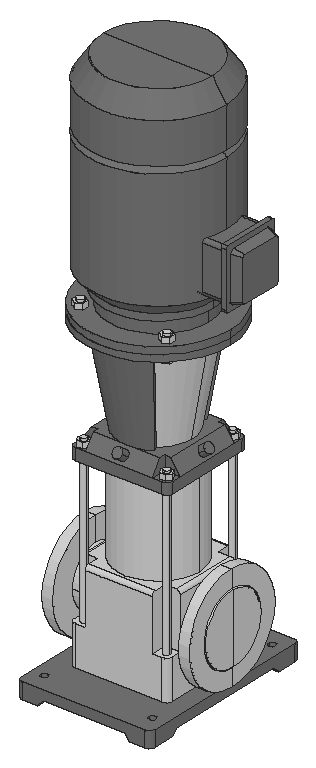
Revit family "TESK_Насос вертикальный_SVM(T)-150", category Оборудование, Revit 2019
Family settings
  Размер круглого соединителя = Использовать диаметр
  Классификация = Насос
  Тип детали = Вставляется
  На основе рабочей плоскости = Нет
  Всегда вертикально = Да
  При загрузке вырезать с полостями = Нет
  Общий = Нет
  Точка расчета площади = Нет
Parameters (values of type "Загрузите каталог типоразмеров TXT")
  Толщина_ФланцаДвигателя = Двигатель_Высота * 0.03  # 17.4 mm
  Таблица_Поиска = "TESK_SVM(T)-150"  # constant formula
  Производитель_Контакты = "info@teskpump.ru"
  Напор максимальный = 0
  Материал_КорпусУлитка = TESK_Нержавеющая сталь
  Материал_КорпусДвигателя = TESK_Черный_Ребра_Условный
  Материал_2 = TESK_Нержавеющая сталь
  Материал_1 = TESK_Черный_Условный
  Высота_Башня = size_lookup(Таблица_Поиска, "A5", 300 mm, ADSK_Марка)  # 300 mm
  Высота_Корпуса = size_lookup(Таблица_Поиска, "A1", 840 mm, ADSK_Марка)  # 840 mm
  Watermark [instance] = "Модели защищены уникальным кодом"
  URL = "www.teskpump.ru"
  D_Башня = Двигатель_Ширина * 0.75  # 262.5 mm
  ADSK_Свободный напор жидкости [instance] = 0.0 Pa
  ADSK_Расход жидкости [instance] = 0.0 L/s
  ADSK_Полная мощность = ADSK_Номинальная мощность * ADSK_Коэффициент мощности  # 0 kVA
  ADSK_Номинальная мощность = size_lookup(Таблица_Поиска, "Pow", 0 kW, ADSK_Марка)  # 0 kW
  ADSK_Напряжение = 400 V
  ADSK_Наименование краткое = "Вертикальный многоступенчатый центробежный насос"  # constant formula
  ADSK_Наименование = size_lookup(Таблица_Поиска, "Name", "Не найдено: Насос TESK SVM(T)-150", ADSK_Марка)  # "Не найдено: Насос TESK SVM(T)-150"
  ADSK_Масса_Текст = size_lookup(Таблица_Поиска, "mass_t", "Не найдено: Насос TESK SVM(T)-150", ADSK_Марка)  # "Не найдено: Насос TESK SVM(T)-150"
  ADSK_Масса = size_lookup(Таблица_Поиска, "mass", 0, ADSK_Марка)  # 0
  ADSK_Марка = "Загрузите каталог типоразмеров TXT"
  ADSK_Коэффициент мощности = 1
  ADSK_Количество фаз числовое = ADSK_Количество фаз  # 3
  ADSK_Количество фаз = if(ADSK_Напряжение = 230 V, 1, 3)  # 3
  ADSK_Количество = 1  # constant formula
  ADSK_Код изделия = size_lookup(Таблица_Поиска, "code", "Не найдено: Насос TESK SVM(T)-150", ADSK_Марка)  # "Не найдено: Насос TESK SVM(T)-150"
  ADSK_Классификация нагрузок = Прочее
  ADSK_Завод-изготовитель = "TESK"  # constant formula
  ADSK_Единица измерения = "шт."  # constant formula
  ADSK_Диаметр условный = 125 mm  # constant formula
  ADSK_Версия семейства = "1.0"  # constant formula
  ADSK_Версия Revit = "2019"  # constant formula
  Фланец_Толщина = 30 mm  # constant formula
  УГО_Длина = 380 mm  # constant formula
  Двигатель_Ширина = size_lookup(Таблица_Поиска, "A3", 350 mm, ADSK_Марка)  # 350 mm
  Двигатель_ОтступКоробки = size_lookup(Таблица_Поиска, "A4", 260 mm, ADSK_Марка)  # 260 mm
  Двигатель_Высота = size_lookup(Таблица_Поиска, "A2", 580 mm, ADSK_Марка)  # 580 mm
Reference planes
  plane 1 "По центру (Вперед/Назад)": y = 0
  plane 2: z = 0
  plane 3 "По центру (Влево/Вправо)": x = 0
  plane 4: x = -190
  plane 5: x = 190
  plane 6: x = -160
  plane 7: x = 160
  plane 8: z = -180
  plane 9: z = 660
  plane 10: z = 360
  plane 11: z = 332
  plane 12: x = -125
  plane 13: y = 125
  plane 14: x = 125
  plane 15: y = -125
  plane 16: x = -105
  plane 17: x = 105
  plane 18: y = -105
  plane 19: y = 105
  plane 20: z = 378
  plane 21: z = -140
  plane 22: x = -170
  plane 23: x = 170
  plane 24: y = -236
  plane 25: y = 236
  plane 26: z = -165
  plane 27: x = -117.5
  plane 28: x = 117.5
  plane 29: y = -236
  plane 30: y = 236
  plane 31: x = -170
  plane 32: x = 170
  plane 33: y = -170
  plane 34: y = 170
  plane 35: z = -165
  plane 36: x = -137.5
  plane 37: x = 137.5
  plane 38: y = -190
  plane 39: y = 190
  plane 40: z = 100
  plane 41: x = -125
  plane 42: x = 125
  plane 43: y = -125
  plane 44: y = 125
  plane 45: x = -125
  plane 46: x = 125
  plane 47: y = -125
  plane 48: y = 125
  plane 49: x = -85
  plane 50: x = 85
  plane 51: y = -85
  plane 52: y = 85
  plane 53: z = -40
  plane 54: x = -105
  plane 55: x = 105
  plane 56: y = -105
  plane 57: y = 105
  plane 58: x = -125
  plane 59: x = 125
  plane 60: y = -125
  plane 61: y = 125
  plane 62: x = -100
  plane 63: x = 100
  plane 64: y = -100
  plane 65: y = 100
  plane 66: z = 395
  plane 67: z = 642.6
  plane 68: x = -86
  plane 69: x = -131.25
  plane 70: x = 131.25
  plane 71: x = -100
  plane 72: x = -145.25
  plane 73: x = 86
  plane 74: x = 131.25
  plane 75: x = -131.25
  plane 76: x = 100
  plane 77: x = 145.25
  plane 78: x = -115
  plane 79: z = 90
  plane 80: x = -125
Forms (mm)
  Extrusion 1, solid, material "TESK_Нержавеющая сталь" <- "Материал_КорпусУлитка", detail levels fine
    sketch origin (0, 0, 0) x (0, 1, 0) y (0, 0, 1)
      loop
        circle (0, 0) r 75
    from -160 to 160
  Extrusion 2, solid, material "TESK_Черный_Условный" <- "Материал_1", detail levels fine
    sketch origin (0, 0, 0) x (1, 0, 0) y (0, 1, 0)
      loop
        line (-125, 110) -> (-125, -110)
        arc (-125, -110) -> (-120.607, -120.607) -> (-110, -125) r 15
        line (-110, -125) -> (110, -125)
        arc (110, -125) -> (120.607, -120.607) -> (125, -110) r 15
        line (125, -110) -> (125, 110)
        arc (125, 110) -> (120.607, 120.607) -> (110, 125) r 15
        line (110, 125) -> (-110, 125)
        arc (-110, 125) -> (-120.607, 120.607) -> (-125, 110) r 15
    from 332 to 360
  Extrusion 3, solid, material "TESK_Нержавеющая сталь" <- "Материал_2", detail levels fine
    sketch origin (0, 0, 0) x (1, 0, 0) y (0, 1, 0)
      loop
        circle (-105, 105) r 8
      loop
        circle (105, 105) r 8
      loop
        circle (-105, -105) r 8
      loop
        circle (105, -105) r 8
    from -40 to 378
  Extrusion 4, solid, material "TESK_Черный_Условный" <- "Материал_1", detail levels fine
    sketch origin (0, 0, 0) x (1, 0, 0) y (0, 1, 0)
      loop
        line (-170, 221) -> (-170, -221)
        arc (-170, -221) -> (-165.607, -231.607) -> (-155, -236) r 15
        line (-155, -236) -> (155, -236)
        arc (155, -236) -> (165.607, -231.607) -> (170, -221) r 15
        line (170, -221) -> (170, 221)
        arc (170, 221) -> (165.607, 231.607) -> (155, 236) r 15
        line (155, 236) -> (-155, 236)
        arc (-155, 236) -> (-165.607, 231.607) -> (-170, 221) r 15
    from -180 to -140
  Extrusion 5, void
    sketch origin (0, 0, 0) x (1, 0, 0) y (0, 0, 1)
      loop
        line (-102.5, -165) -> (-117.5, -180) -> (117.5, -180) -> (102.5, -165) -> (-102.5, -165)
    from -236 to 236
  Extrusion 6, void
    sketch origin (0, 0, 0) x (0, 1, 0) y (0, 0, 1)
      loop
        line (-155, -165) -> (-170, -180) -> (170, -180) -> (155, -165) -> (-155, -165)
    from -170 to 170
  Extrusion 7, void
    sketch origin (0, 0, 0) x (1, 0, 0) y (0, 1, 0)
      loop
        circle (-137.5, 190) r 9
      loop
        circle (137.5, 190) r 9
      loop
        circle (137.5, -190) r 9
      loop
        circle (-137.5, -190) r 9
    from -140 to -180
  Extrusion 8, solid, material "TESK_Нержавеющая сталь" <- "Материал_КорпусУлитка", detail levels fine
    sketch origin (0, 0, 0) x (1, 0, 0) y (0, 1, 0)
      loop
        arc (-110, 125) -> (-120.607, 120.607) -> (-125, 110) r 15
        line (-125, 110) -> (-125, -110)
        arc (-125, -110) -> (-120.607, -120.607) -> (-110, -125) r 15
        line (-110, -125) -> (110, -125)
        arc (110, -125) -> (120.607, -120.607) -> (125, -110) r 15
        line (125, -110) -> (125, 110)
        arc (125, 110) -> (120.607, 120.607) -> (110, 125) r 15
        line (110, 125) -> (-110, 125)
    from -140 to 100
  Extrusion 9, void
    sketch origin (0, 0, 0) x (1, 0, 0) y (0, 1, 0)
      loop
        line (-125, 85) -> (-85, 85) -> (-85, 125) -> (-125, 125) -> (-125, 85)
      loop
        line (85, 85) -> (125, 85) -> (125, 125) -> (85, 125) -> (85, 85)
      loop
        line (-125, -85) -> (-125, -125) -> (-85, -125) -> (-85, -85) -> (-125, -85)
      loop
        line (85, -85) -> (85, -125) -> (125, -125) -> (125, -85) -> (85, -85)
    from -40 to 395
  Extrusion 10, solid, material "TESK_Нержавеющая сталь" <- "Материал_2", detail levels fine
    sketch origin (0, 0, 0) x (1, 0, 0) y (0, 1, 0)
      loop
        circle (0, 0) r 105
    from 100 to 332
  Blend 11, solid, material "TESK_Черный_Условный" <- "Материал_1", detail levels fine
    base sketch origin (0, 0, 0) x (1, 0, 0) y (0, 1, 0)
      loop
        line (-125, 125) -> (-125, -125) -> (125, -125) -> (125, 125) -> (-125, 125)
    top sketch origin (0, 0, 0) x (1, 0, 0) y (0, 1, 0)
      loop
        line (-100, 100) -> (-100, -100) -> (100, -100) -> (100, 100) -> (-100, 100)
    from 360 to 395
  Blend 12, solid, material "TESK_Нержавеющая сталь" <- "Материал_2", detail levels fine
    base sketch origin (0, 0, 0) x (1, 0, 0) y (0, 1, 0)
      loop
        circle (0, 0) r 86
    top sketch origin (0, 0, 0) x (1, 0, 0) y (0, 1, 0)
      loop
        circle (0, 0) r 131.25
    from 395 to 642.6
  Revolve 13, solid, material "TESK_Черный_Условный" <- "Материал_1", detail levels fine
    sketch origin (0, 0, 0) x (1, 0, 0) y (0, 0, 1)
      loop
        line (-145.25, 642.6) -> (-100, 395) -> (-86, 395) -> (-131.25, 642.6) -> (-145.25, 642.6)
      axis (0, 395) -> (0, 642.6)
    angle from 125 to 55
  Revolve 14, solid, material "TESK_Черный_Условный" <- "Материал_1", detail levels fine
    sketch origin (0, 0, 0) x (-1, 0, 0) y (0, 0, 1)
      loop
        line (-145.25, 642.6) -> (-100, 395) -> (-86, 395) -> (-131.25, 642.6) -> (-145.25, 642.6)
      axis (0, 395) -> (0, 642.6)
    angle from -125 to -55
  Sweep 15, void
    path in 3D
      loop
        arc (-125, -110, 100) -> (-120.607, -120.607, 100) -> (-110, -125, 100) r 15
        line (-110, -125, 100) -> (110, -125, 100)
        arc (110, -125, 100) -> (120.607, -120.607, 100) -> (125, -110, 100) r 15
        line (125, -110, 100) -> (125, 110, 100)
        arc (125, 110, 100) -> (120.607, 120.607, 100) -> (110, 125, 100) r 15
        line (110, 125, 100) -> (-110, 125, 100)
        arc (-110, 125, 100) -> (-120.607, 120.607, 100) -> (-125, 110, 100) r 15
        line (-125, 110, 100) -> (-125, -110, 100)
    profile origin (-125, 0, 100) x (1, 0, 0) y (0, 0, 1)
      loop
        arc (0, -10) -> (2.929, -2.929) -> (10, 0) r 10
        line (10, 0) -> (0, 0) -> (0, -10)
Cuts and joins
  Extrusion 5, Extrusion 6, Extrusion 7 cuts Extrusion 4
  Extrusion 9, Sweep 15 cuts Extrusion 8
  Extrusion 9 cuts Blend 11
Lines and regions (mm)
  sketch lines
    curve 1: line (-125, 110, 100) -> (-125, -110, 100)
    curve 2: arc (-125, 110, 100) -> (-120.607, 120.607, 100) -> (-110, 125, 100) r 15
    curve 3: line (110, 125, 100) -> (-110, 125, 100)
    curve 4: arc (110, 125, 100) -> (120.607, 120.607, 100) -> (125, 110, 100) r 15
    curve 5: line (125, -110, 100) -> (125, 110, 100)
    curve 6: arc (125, -110, 100) -> (120.607, -120.607, 100) -> (110, -125, 100) r 15
    curve 7: line (-110, -125, 100) -> (110, -125, 100)
    curve 8: arc (-110, -125, 100) -> (-120.607, -120.607, 100) -> (-125, -110, 100) r 15
Dimensions and locks
  locked: plane 3 "По центру (Влево/Вправо)" to plane 4 at 190
  locked: plane 5 to plane 3 "По центру (Влево/Вправо)" at 190
  locked: plane 2 to plane 8 at 180
  "Высота_Башня": plane 9 to plane 10
  locked: plane 10 to plane 11 at 28
  equal spacing: plane 12, plane 3 "По центру (Влево/Вправо)", plane 14
  equal spacing: plane 13, plane 1 "По центру (Вперед/Назад)", plane 15
  locked: plane 15 to plane 1 "По центру (Вперед/Назад)" at 125
  locked: plane 12 to plane 3 "По центру (Влево/Вправо)" at 125
  equal spacing: plane 16, plane 3 "По центру (Влево/Вправо)", plane 17
  locked: plane 16 to plane 3 "По центру (Влево/Вправо)" at 105
  equal spacing: plane 19, plane 1 "По центру (Вперед/Назад)", plane 18
  locked: plane 19 to plane 1 "По центру (Вперед/Назад)" at 105
  locked: plane 20 to plane 10 at 18
  locked: plane 21 to plane 8 at 40
  equal spacing: plane 22, plane 3 "По центру (Влево/Вправо)", plane 23
  locked: plane 22 to plane 3 "По центру (Влево/Вправо)" at 170
  equal spacing: plane 25, plane 1 "По центру (Вперед/Назад)", plane 24
  locked: plane 25 to plane 1 "По центру (Вперед/Назад)" at 236
  locked: plane 26 to plane 8 at 15
  equal spacing: plane 28, plane 3 "По центру (Влево/Вправо)", plane 27
  equal spacing: plane 29, plane 1 "По центру (Вперед/Назад)", plane 30
  locked: plane 29 to plane 1 "По центру (Вперед/Назад)" at 236
  equal spacing: plane 32, plane 3 "По центру (Влево/Вправо)", plane 31
  locked: plane 3 "По центру (Влево/Вправо)" to plane 31 at 170
  equal spacing: plane 33, plane 1 "По центру (Вперед/Назад)", plane 34
  locked: plane 35 to plane 8 at 15
  equal spacing: plane 36, plane 3 "По центру (Влево/Вправо)", plane 37
  equal spacing: plane 39, plane 1 "По центру (Вперед/Назад)", plane 38
  locked: plane 39 to plane 1 "По центру (Вперед/Назад)" at 190
  locked: plane 3 "По центру (Влево/Вправо)" to plane 37 at 137.5
  locked: plane 40 to plane 21 at 240
  equal spacing: plane 41, plane 3 "По центру (Влево/Вправо)", plane 42
  equal spacing: plane 44, plane 1 "По центру (Вперед/Назад)", plane 43
  locked: plane 43 to plane 1 "По центру (Вперед/Назад)" at 125
  locked: plane 3 "По центру (Влево/Вправо)" to plane 42 at 125
  equal spacing: plane 48, plane 1 "По центру (Вперед/Назад)", plane 47
  equal spacing: plane 45, plane 3 "По центру (Влево/Вправо)", plane 46
  locked: plane 45 to plane 3 "По центру (Влево/Вправо)" at 125
  locked: plane 48 to plane 1 "По центру (Вперед/Назад)" at 125
  locked: plane 48 to plane 52 at 40
  locked: plane 51 to plane 47 at 40
  locked: plane 45 to plane 49 at 40
  locked: plane 50 to plane 46 at 40
  locked: plane 2 to plane 53 at 40
  equal spacing: plane 57, plane 1 "По центру (Вперед/Назад)", plane 56
  locked: plane 57 to plane 1 "По центру (Вперед/Назад)" at 105
  equal spacing: plane 54, plane 3 "По центру (Влево/Вправо)", plane 55
  locked: plane 3 "По центру (Влево/Вправо)" to plane 55 at 105
  equal spacing: plane 61, plane 1 "По центру (Вперед/Назад)", plane 60
  equal spacing: plane 58, plane 3 "По центру (Влево/Вправо)", plane 59
  locked: plane 58 to plane 3 "По центру (Влево/Вправо)" at 125
  locked: plane 1 "По центру (Вперед/Назад)" to plane 61 at 125
  equal spacing: plane 62, plane 3 "По центру (Влево/Вправо)", plane 63
  equal spacing: plane 65, plane 1 "По центру (Вперед/Назад)", plane 64
  locked: plane 1 "По центру (Вперед/Назад)" to plane 65 at 100
  locked: plane 62 to plane 3 "По центру (Влево/Вправо)" at 100
  locked: plane 66 to plane 10 at 35
  "Толщина_ФланцаДвигателя": plane 9 to plane 67
  equal spacing: plane 70, plane 3 "По центру (Влево/Вправо)", plane 69
  "D_Башня": plane 70 to plane 69
  locked: plane 3 "По центру (Влево/Вправо)" to plane 68 at 86
  locked: plane 69 to plane 72 at 14
  locked: plane 68 to plane 71 at 14
  "D_Башня": plane 75 to plane 74
  locked: plane 74 to plane 77 at 14
  locked: plane 73 to plane 76 at 14
  equal spacing: plane 75, plane 3 "По центру (Влево/Вправо)", plane 74
  locked: plane 73 to plane 3 "По центру (Влево/Вправо)" at 86
  "Фланец_Толщина": plane 6 to plane 4
  "Фланец_Толщина": plane 5 to plane 7
  locked: plane 3 "По центру (Влево/Вправо)" to plane 27 at 117.5
  "Высота_Корпуса": plane 9 to plane 8
  locked: plane 33 to plane 1 "По центру (Вперед/Назад)" at 170
  locked: plane 80 to plane 3 "По центру (Влево/Вправо)" at 125
  locked: plane 80 to plane 78 at 10
  locked: plane 40 to plane 79 at 10
  diameter of Extrusion 1 sketch curve = 150 mm
  radius of Extrusion 2 sketch curve = 15 mm  (x4)
  diameter of Extrusion 3 sketch curve = 16 mm  (x4)
  radius of Extrusion 4 sketch curve = 15 mm  (x4)
  diameter of Extrusion 7 sketch curve = 18 mm  (x4)
  radius of Extrusion 8 sketch curve = 15 mm  (x4)
  diameter of Blend 12 sketch curve = 172 mm
  "D_Башня": diameter of Blend 12 sketch curve
  diameter of Extrusion 10 sketch curve = 210 mm
  radius of Sweep 15 sketch curve = 10 mm
  locked: Extrusion 5 sketch curve to plane 27 (angle 45.00°)
  locked: plane 28 to Extrusion 5 sketch curve (angle 45.00°)
  locked: Extrusion 6 sketch curve to plane 33 (angle 45.00°)
  locked: plane 34 to Extrusion 6 sketch curve (angle 45.00°)
  aligned and locked: level to plane 2
  aligned and locked: plane 1 "По центру (Вперед/Назад)" to nested 1
  aligned and locked: nested 2 to plane 1 "По центру (Вперед/Назад)"
  aligned and locked: plane 4 to nested 1
  aligned and locked: nested 2 to plane 5
  aligned and locked: Extrusion 1 to plane 6
  aligned and locked: Extrusion 1 to plane 7
  aligned and locked: Extrusion 2 sketch curve to plane 12
  aligned and locked: Extrusion 2 sketch curve to plane 13
  aligned and locked: Extrusion 2 sketch curve to plane 14
  aligned and locked: Extrusion 2 sketch curve to plane 15
  aligned and locked: plane 10 to Extrusion 2
  aligned and locked: Extrusion 2 to plane 11
  aligned and locked: plane 19 to Extrusion 3 sketch curve  (x2)
  aligned and locked: plane 16 to Extrusion 3 sketch curve  (x2)
  aligned and locked: plane 17 to Extrusion 3 sketch curve  (x2)
  aligned and locked: plane 18 to Extrusion 3 sketch curve  (x2)
  aligned and locked: Extrusion 3 to plane 20
  aligned and locked: plane 3 "По центру (Влево/Вправо)" to nested 3
  aligned and locked: plane 1 "По центру (Вперед/Назад)" to nested 3
  aligned and locked: plane 9 to nested 3
  aligned and locked: Extrusion 4 sketch curve to plane 22
  aligned and locked: Extrusion 4 sketch curve to plane 25
  aligned and locked: Extrusion 4 sketch curve to plane 23
  aligned and locked: Extrusion 4 sketch curve to plane 24
  aligned and locked: plane 21 to Extrusion 4
  aligned and locked: Extrusion 4 to plane 8
  aligned and locked: Extrusion 5 sketch curve to plane 26
  aligned and locked: Extrusion 5 sketch curve to plane 27
  aligned and locked: Extrusion 5 sketch curve to plane 8
  aligned and locked: Extrusion 5 sketch curve to plane 28
  aligned and locked: plane 8 to Extrusion 5 sketch curve
  aligned and locked: plane 29 to Extrusion 5
  aligned and locked: Extrusion 5 to plane 30
  aligned and locked: Extrusion 6 sketch curve to plane 35
  aligned and locked: Extrusion 6 sketch curve to plane 8
  aligned and locked: Extrusion 6 sketch curve to plane 34
  aligned and locked: plane 8 to Extrusion 6 sketch curve
  aligned and locked: Extrusion 6 sketch curve to plane 33
  aligned and locked: Extrusion 6 to plane 31
  aligned and locked: Extrusion 6 to plane 32
  aligned and locked: plane 39 to Extrusion 7 sketch curve  (x2)
  aligned and locked: plane 36 to Extrusion 7 sketch curve  (x2)
  aligned and locked: plane 37 to Extrusion 7 sketch curve
  aligned and locked: plane 38 to Extrusion 7 sketch curve  (x2)
  aligned and locked: Extrusion 7 sketch curve to plane 37
  aligned and locked: Extrusion 7 to plane 21
  aligned and locked: Extrusion 7 to plane 8
  aligned and locked: Extrusion 8 sketch curve to plane 44
  aligned and locked: Extrusion 8 sketch curve to plane 41
  aligned and locked: Extrusion 8 sketch curve to plane 42
  aligned and locked: Extrusion 8 sketch curve to plane 43
  aligned and locked: Extrusion 8 to plane 21
  aligned and locked: plane 40 to Extrusion 8
  aligned and locked: Extrusion 9 sketch curve to plane 52  (x2)
  aligned and locked: Extrusion 9 sketch curve to plane 45
  aligned and locked: Extrusion 9 sketch curve to plane 48  (x2)
  aligned and locked: Extrusion 9 sketch curve to plane 49
  aligned and locked: Extrusion 9 sketch curve to plane 50
  aligned and locked: Extrusion 9 sketch curve to plane 46
  aligned and locked: plane 45 to Extrusion 9 sketch curve
  aligned and locked: Extrusion 9 sketch curve to plane 47  (x2)
  aligned and locked: plane 49 to Extrusion 9 sketch curve
  aligned and locked: Extrusion 9 sketch curve to plane 51  (x2)
  aligned and locked: plane 50 to Extrusion 9 sketch curve
  aligned and locked: plane 46 to Extrusion 9 sketch curve
  aligned and locked: Extrusion 9 to plane 53
  aligned and locked: Extrusion 10 to plane 40
  aligned and locked: plane 11 to Extrusion 10
  aligned and locked: nested 4 to plane 10
  aligned and locked: nested 4 to plane 54
  aligned and locked: plane 56 to nested 4
  aligned and locked: Extrusion 3 to plane 53
  aligned and locked: nested 5 to plane 55
  aligned and locked: nested 5 to plane 56
  aligned and locked: plane 55 to nested 7
  aligned and locked: nested 7 to plane 57
  aligned and locked: plane 54 to nested 6
  aligned and locked: plane 57 to nested 6
  aligned and locked: plane 10 to nested 5
  aligned and locked: nested 7 to plane 10
  aligned and locked: plane 10 to nested 6
  aligned and locked: Blend 11 sketch curve to plane 58
  aligned and locked: Blend 11 sketch curve to plane 61
  aligned and locked: Blend 11 sketch curve to plane 60
  aligned and locked: Blend 11 sketch curve to plane 59
  aligned and locked: Blend 11 sketch curve to plane 65
  aligned and locked: Blend 11 sketch curve to plane 62
  aligned and locked: Blend 11 sketch curve to plane 63
  aligned and locked: Blend 11 sketch curve to plane 64
  aligned and locked: Blend 11 to plane 10
  aligned and locked: plane 66 to Extrusion 9
  aligned and locked: plane 66 to Blend 11
  aligned and locked: plane 3 "По центру (Влево/Вправо)" to Blend 12 sketch curve  (x2)
  aligned and locked: plane 1 "По центру (Вперед/Назад)" to Blend 12 sketch curve  (x2)
  aligned and locked: Blend 12 to plane 66
  aligned and locked: plane 67 to Blend 12
  aligned and locked: plane 3 "По центру (Влево/Вправо)" to Revolve 13 sketch curve
  aligned and locked: Revolve 13 sketch curve to plane 67
  aligned and locked: Revolve 13 sketch curve to plane 66
  aligned and locked: plane 71 to Revolve 13 sketch curve
  aligned and locked: plane 68 to Revolve 13 sketch curve
  aligned and locked: plane 72 to Revolve 13 sketch curve
  aligned and locked: plane 69 to Revolve 13 sketch curve
  aligned and locked: plane 66 to Revolve 14 sketch curve
  aligned and locked: Revolve 14 sketch curve to plane 76
  aligned and locked: Revolve 14 sketch curve to plane 73
  aligned and locked: plane 67 to Revolve 14 sketch curve
  aligned and locked: Revolve 14 sketch curve to plane 77
  aligned and locked: Revolve 14 sketch curve to plane 74
  aligned and locked: plane 3 "По центру (Влево/Вправо)" to Revolve 14 sketch curve
  aligned and locked: nested 8 to plane 1 "По центру (Вперед/Назад)"
  aligned and locked: nested 8 to plane 3 "По центру (Влево/Вправо)"
  aligned and locked: nested 9 to plane 1 "По центру (Вперед/Назад)"
  aligned and locked: plane 2 to nested 9
  aligned and locked: nested 9 to plane 3 "По центру (Влево/Вправо)"
  aligned and locked: plane 3 "По центру (Влево/Вправо)" to Extrusion 10 sketch curve
  aligned and locked: plane 1 "По центру (Вперед/Назад)" to Extrusion 10 sketch curve
  aligned and locked: plane 3 "По центру (Влево/Вправо)" to nested 10
  aligned and locked: Sweep 15 sketch curve to plane 80
  aligned and locked: Sweep 15 sketch curve to plane 40
  aligned and locked: nested 11 to plane 1 "По центру (Вперед/Назад)"
Automatic sketch dimensions
  Extrusion 1 sketch curve to level = 0 mm
  Extrusion 1 sketch curve to plane 1 "По центру (Вперед/Назад)" = 0 mm
  Sweep 15 sketch curve to plane 79 = 0 mm
  plane 78 to Sweep 15 sketch curve = 0 mm
  Sweep 15 sketch curve to Sweep 15 sketch curve = 0 mm
  profile plane to Sweep 15 sketch curve = 0 mm
  plane 66 to Revolve 13 sketch curve = 50 mm
  Revolve 13 sketch curve to plane 67 = 33.01 mm
  Revolve 14 sketch curve to plane 66 = 50 mm
  plane 67 to Revolve 14 sketch curve = 33.01 mm
Nested families
  nested 1: "Фланец_Круглый" at (-160, 0, 0), Толщина_Фланца <- "Фланец_Толщина", ADSK_Материал <- "Материал_КорпусУлитка", type "Фланец_Круглый", detail levels fine
    with Толщина_Фланца 30 mm, Толщина_Зеркала 3 mm, Dнар_Фланца 270 mm, D_Зеркала 175 mm, ADSK_Материал TESK_Нержавеющая сталь
  nested 2: "Фланец_Круглый" at (160, 0, 0) x (-1, 0, 0) z (0, 0, 1), Толщина_Фланца <- "Фланец_Толщина", ADSK_Материал <- "Материал_КорпусУлитка", type "Фланец_Круглый", detail levels fine
    with Толщина_Фланца 30 mm, Толщина_Зеркала 3 mm, Dнар_Фланца 270 mm, D_Зеркала 175 mm, ADSK_Материал TESK_Нержавеющая сталь
  nested 3: "Электродвигатель" at (0, 0, 660), Материал_Метизы <- "Материал_2", Материал_Основной <- "Материал_1", Материал_Ребра <- "Материал_КорпусДвигателя", Высота_Двигателя <- "Двигатель_Высота", Отступ_Коробка <- "Двигатель_ОтступКоробки", Ширина_Двигателя <- "Двигатель_Ширина", type "Электродвигатель", detail levels fine
    with Ширина_Коробки 130 mm, Ширина_Двигателя 350 mm, Толщина_ШляпкаБолта 11.025 mm, Толщина_Фланца 17.4 mm, Толщина_КрышкаКоробки 39 mm, Толщина_Гайки 13.781 mm, Отступ_Коробка 260 mm, Материал_Ребра TESK_Черный_Ребра_Условный, Материал_Основной TESK_Черный_Условный, Материал_Метизы TESK_Нержавеющая сталь, Коробка_Начало 116 mm, Длина_МеждуБолтами 220.5 mm, Выступ_КрышкаКоробки 10.4 mm, Высота_Двигателя 580 mm, Вылет_Болтов 17.916 mm, r2 140 mm, r1 129.5 mm, l3 5.2 mm, l2 9.1 mm, l1 9.1 mm, h6 35 mm, h5 52.2 mm, h4 174 mm, h3 156.6 mm, h2 52.2 mm, h1 34.8 mm, S_Метизы 27.563 mm, R_Верхушка 17.4 mm, R_2 5.2 mm, R_1 9.1 mm, D_Фланец 367.5 mm, D_Болты 18.375 mm
  nested 4: "Гайка_Условная" at (-105, -105, 360) x (-1, 0, 0) z (0, 0, 1), Материал1 <- "Материал_2", type "Гайка_Условная", detail levels fine
    with Толщина_Гайка 14 mm, Материал1 TESK_Нержавеющая сталь, S_Гайка 26 mm, D_Вн 16 mm
  nested 5: "Гайка_Условная" at (105, -105, 360), Материал1 <- "Материал_2", type "Гайка_Условная", detail levels fine
    with Толщина_Гайка 14 mm, Материал1 TESK_Нержавеющая сталь, S_Гайка 26 mm, D_Вн 16 mm
  nested 6: "Гайка_Условная" at (-105, 105, 360) x (-1, 0, 0) z (0, 0, 1), Материал1 <- "Материал_2", type "Гайка_Условная", detail levels fine
    with Толщина_Гайка 14 mm, Материал1 TESK_Нержавеющая сталь, S_Гайка 26 mm, D_Вн 16 mm
  nested 7: "Гайка_Условная" at (105, 105, 360), Материал1 <- "Материал_2", type "Гайка_Условная", detail levels fine
    with Толщина_Гайка 14 mm, Материал1 TESK_Нержавеющая сталь, S_Гайка 26 mm, D_Вн 16 mm
  nested 8: "Вл_УГО_Насос_2D" at (0, 0, 0) x (-1, 0, 0) z (0, 0, 1), L_УГО <- "УГО_Длина", type "Вл_УГО_Насос_2D", detail levels coarse+medium
    with L_УГО 380 mm
  nested 9: "Вл_УГО_Насос_3D" at (0, 0, 0) x (-1, 0, 0) z (0, -1, 0), L_УГО <- "УГО_Длина", type "Вл_УГО_Насос_3D", detail levels coarse+medium
    with L_УГО 380 mm
  nested 10: "Бобышка_Условная" at (0, -112.5, 377.5) x (1, 0, 0) z (0, -0.8137, 0.5812), Материал <- "Материал_1", type "Бобышка_Условная", detail levels fine
    with Материал TESK_Черный_Условный, Длина 20 mm, Диаметр 25.3 mm
  nested 11: "Бобышка_Условная" at (112.5, 0, 377.5) x (0, 1, 0) z (0.8137, 0, 0.5812), Материал <- "Материал_1", type "Бобышка_Условная", detail levels fine
    with Материал TESK_Черный_Условный, Длина 20 mm, Диаметр 25.3 mm
Connectors
  electrical at (0, 0, 1083.4), driven by "ADSK_Количество фаз", driven by "ADSK_Классификация нагрузок", driven by "ADSK_Напряжение", driven by "ADSK_Полная мощность", driven by "ADSK_Коэффициент мощности"
    settings: on nested 3, index 1, voltage 400 V, apparent load 0 kVA, apparent load phase1 0 kVA, apparent load phase2 0 kVA, apparent load phase3 0 kVA, power factor 1, load classification "Прочее", number of poles 3, system type 30, power factor state 1, is connector primary yes, connector utility no, sub classification motor no, connector description ""
  piping at (-190, 0, 0), diameter 125, driven by "ADSK_Диаметр условный", driven by "ADSK_Расход жидкости"
    settings: on nested 1, index 2, connector inside diameter 609.6 mm, connector length 0 mm, flow factor 0, pipe flow 0.0 L/s, pressure drop 0.0 Pa, fitting loss kfactor 0, connector angle 0.00°, fixture units 0, engagement length 0 mm, angle of deflection 0.00°, flow configuration 0, flow direction 1, fitting loss method 0, system type 29, joint type 0, gender type 0, connector reference index -1, connector utility 0, adjustable connector no, is connector primary yes, connector description ""
  piping at (190, 0, 0), diameter 125, driven by "ADSK_Диаметр условный", driven by "ADSK_Расход жидкости"
    settings: on nested 2, index 3, connector inside diameter 609.6 mm, connector length 0 mm, flow factor 0, pipe flow 0.0 L/s, pressure drop 0.0 Pa, fitting loss kfactor 0, connector angle 0.00°, fixture units 0, engagement length 0 mm, angle of deflection 0.00°, flow configuration 0, flow direction 2, fitting loss method 0, system type 29, joint type 0, gender type 0, connector reference index -1, connector utility 0, adjustable connector no, is connector primary no, connector description ""
Definition of nested family "Фланец_Круглый"
  Parameters (values of type "Фланец_Круглый")
    Толщина_Фланца [instance] = 30 mm
    Толщина_Зеркала [instance] = 2 mm
    Dнар_Фланца [instance] = 200 mm
    D_Зеркала [instance] = 90 mm
    ADSK_Материал [instance] = none
  Reference planes
    plane 1 "По центру (Вперед/Назад)": y = 0
    plane 2: z = 0
    plane 3 "По центру (Влево/Вправо)": x = 0
    plane 4: z = 100
    plane 5: z = -100
    plane 6: x = -30
    plane 7: x = -28
    plane 8: z = 45
    plane 9: z = -45
  Forms (mm)
    Revolve 1, solid, material <- "ADSK_Материал"
      sketch origin (0, 0, 0) x (1, 0, 0) y (0, 0, 1)
        loop
          line (0, 100) -> (-28, 100) -> (-28, 0) -> (0, 0) -> (0, 100)
        axis (-28, 0) -> (0, 0)
      angle from 0 to 360
    Revolve 2, solid, material <- "ADSK_Материал"
      sketch origin (0, 0, 0) x (1, 0, 0) y (0, 0, 1)
        loop
          line (-28, 47) -> (-30, 45) -> (-30, 0) -> (-28, 0) -> (-28, 47)
        axis (-30, 0) -> (-28, 0)
      angle from 0 to 360
  Cuts and joins
    joined: Revolve 1, Revolve 2
  Dimensions and locks
    equal spacing: plane 4, plane 2, plane 5
    "Dнар_Фланца": plane 4 to plane 5
    "Толщина_Фланца": plane 3 "По центру (Влево/Вправо)" to plane 6
    "Толщина_Зеркала": plane 7 to plane 6
    equal spacing: plane 8, plane 2, plane 9
    "D_Зеркала": plane 8 to plane 9
    locked: Revolve 2 sketch curve to plane 6 (angle 45.00°)
    aligned and locked: level to plane 2
    aligned and locked: Revolve 1 sketch curve to plane 2  (x2)
    aligned and locked: Revolve 1 sketch curve to plane 3 "По центру (Влево/Вправо)"
    aligned and locked: Revolve 1 sketch curve to plane 7
    aligned and locked: Revolve 1 sketch curve to plane 4
    aligned and locked: Revolve 2 sketch curve to plane 2  (x2)
    aligned and locked: Revolve 2 sketch curve to plane 7
    aligned and locked: Revolve 2 sketch curve to plane 6
    aligned and locked: plane 8 to Revolve 2 sketch curve
  Automatic sketch dimensions
    plane 7 to Revolve 1 sketch curve = 5 mm
    Revolve 1 sketch curve to plane 3 "По центру (Влево/Вправо)" = 2 mm
    plane 7 to Revolve 2 sketch curve = 12.352 mm
    Revolve 2 sketch curve to plane 3 "По центру (Влево/Вправо)" = 5.648 mm
Definition of nested family "Электродвигатель"
  Parameters (values of type "Электродвигатель")
    Ширина_Коробки [instance] = Отступ_Коробка * 0.5  # 77.5 mm
    Ширина_Двигателя [instance] = 190 mm
    Толщина_ШляпкаБолта [instance] = S_Метизы * 0.4  # 5.985 mm
    Толщина_Фланца [instance] = Высота_Двигателя * 0.03  # 9.99 mm
    Толщина_КрышкаКоробки [instance] = Отступ_Коробка * 0.15  # 23.25 mm
    Толщина_Гайки [instance] = S_Метизы * 0.5  # 7.481 mm
    Материал_Ребра [instance] = none
    Материал_Основной [instance] = none
    Материал_Метизы [instance] = none
    Коробка_Начало [instance] = Высота_Двигателя * 0.2  # 66.6 mm
    Отступ_Коробка [instance] = 155 mm
    Длина_МеждуБолтами [instance] = D_Фланец * 0.6  # 119.7 mm
    Выступ_КрышкаКоробки [instance] = Ширина_Коробки * 0.08  # 6.2 mm
    Высота_Двигателя [instance] = 333 mm
    Вылет_Болтов [instance] = Толщина_Гайки * 1.3  # 9.726 mm
    r2 [instance] = Ширина_Двигателя * 0.4  # 76 mm
    r1 [instance] = Ширина_Двигателя * 0.37  # 70.3 mm
    l3 [instance] = Ширина_Коробки * 0.04  # 3.1 mm
    l2 [instance] = Ширина_Коробки * 0.07  # 5.425 mm
    l1 [instance] = Ширина_Коробки * 0.07  # 5.425 mm
    h6 [instance] = Ширина_Двигателя / 2 - r2  # 19 mm
    h5 [instance] = Высота_Двигателя * 0.09  # 29.97 mm
    h4 [instance] = Высота_Двигателя * 0.3  # 99.9 mm
    h3 [instance] = Высота_Двигателя * 0.27  # 89.91 mm
    h2 [instance] = Высота_Двигателя * 0.09  # 29.97 mm
    h1 [instance] = Высота_Двигателя * 0.06  # 19.98 mm
    S_Метизы [instance] = D_Болты * 1.5  # 14.962 mm
    R_Верхушка [instance] = h5 / 3  # 9.99 mm
    R_2 [instance] = Ширина_Коробки * 0.04  # 3.1 mm
    R_1 [instance] = Ширина_Коробки * 0.07  # 5.425 mm
    D_Фланец [instance] = Ширина_Двигателя * 1.05  # 199.5 mm
    D_Болты [instance] = D_Фланец * 0.05  # 9.975 mm
  Reference planes
    plane 1 "По центру (Вперед/Назад)": y = 0
    plane 2: z = 0
    plane 3 "По центру (Влево/Вправо)": x = 0
    plane 4: z = 333
    plane 5: x = -95
    plane 6: x = 95
    plane 7: x = 155
    plane 8: z = 9.99
    plane 9: z = -9.99
    plane 10: z = 29.97
    plane 11: z = 39.96
    plane 12: z = 303.03
    plane 13: x = -70.3
    plane 14: x = -76
    plane 15: z = 233.1
    plane 16: x = -93
    plane 17: z = 243.09
    plane 18: x = -69.018
    plane 19: z = 144.1
    plane 20: z = 66.6
    plane 21: y = -38.75
    plane 22: y = 38.75
    plane 23: x = 131.75
    plane 24: x = 139.5
    plane 25: x = 147.25
    plane 26: y = -44.95
    plane 27: z = 150.3
    plane 28: y = 44.95
    plane 29: z = 60.4
    plane 30: x = -59.85
    plane 31: x = 59.85
    plane 32: y = 59.85
    plane 33: y = -59.85
    plane 34: z = -15.975
    plane 35: z = 19.716
    plane 36: z = 72.025
    plane 37: z = 138.675
    plane 38: y = -33.325
    plane 39: y = 33.325
    plane 40: y = -33.325
    plane 41: z = 138.675
    plane 42: z = 72.025
    plane 43: y = 33.325
    plane 44: y = -30.225
    plane 45: z = 135.575
    plane 46: z = 75.125
    plane 47: y = 30.225
    plane 48: z = 17.471
    plane 49: z = 252.1
    plane 50: z = 39.96
    plane 51: x = -76
    plane 52: z = 233.1
    plane 53: z = 252.1
  Forms (mm)
    Revolve 1, solid, material <- "Материал_Основной"
      sketch origin (0, 0, 0) x (1, 0, 0) y (0, 0, 1)
        loop
          line (0, 39.96) -> (-76, 39.96) -> (-76, 29.97) -> (-70.3, 29.97) -> (-70.3, 9.99) -> (0, 9.99) -> (0, 39.96)
        loop
          line (-76, 303.03) -> (-76, 252.1) -> (0, 252.1) -> (0, 333) -> (-74.015, 333) -> (-95, 303.03) -> (-95, 243.09) -> (-93, 243.09) -> (-93, 303.03) -> (-76, 303.03)
        axis (0, 9.99) -> (0, 333)
      angle from 0 to 360
    Extrusion 2, solid, material <- "Материал_Основной"
      sketch origin (0, 0, 0) x (1, 0, 0) y (0, 1, 0)
        loop
          circle (0, 0) r 99.75
      from 0 to -9.99
    Extrusion 3, solid, material <- "Материал_Основной"
      sketch origin (0, 0, 0) x (1, 0, 0) y (0, 1, 0)
        loop
          circle (0, 0) r 99.75
      from 0 to 9.99
    Extrusion 4, solid, material <- "Материал_Основной"
      sketch origin (0, 0, 0) x (0, 1, 0) y (0, 0, 1)
        loop
          line (-38.75, 138.675) -> (-38.75, 72.025)
          arc (-38.75, 72.025) -> (-37.161, 68.189) -> (-33.325, 66.6) r 5.425
          line (-33.325, 66.6) -> (33.325, 66.6)
          arc (33.325, 66.6) -> (37.161, 68.189) -> (38.75, 72.025) r 5.425
          line (38.75, 72.025) -> (38.75, 138.675)
          arc (38.75, 138.675) -> (37.161, 142.511) -> (33.325, 144.1) r 5.425
          line (33.325, 144.1) -> (-33.325, 144.1)
          arc (-33.325, 144.1) -> (-37.161, 142.511) -> (-38.75, 138.675) r 5.425
      from 0 to 131.75
    Extrusion 5, solid, material <- "Материал_Основной"
      sketch origin (0, 0, 0) x (0, 1, 0) y (0, 0, 1)
        loop
          line (-41.85, 60.4) -> (41.85, 60.4)
          arc (41.85, 60.4) -> (44.042, 61.308) -> (44.95, 63.5) r 3.1
          line (44.95, 63.5) -> (44.95, 147.2)
          arc (44.95, 147.2) -> (44.042, 149.392) -> (41.85, 150.3) r 3.1
          line (41.85, 150.3) -> (-41.85, 150.3)
          arc (-41.85, 150.3) -> (-44.042, 149.392) -> (-44.95, 147.2) r 3.1
          line (-44.95, 147.2) -> (-44.95, 63.5)
          arc (-44.95, 63.5) -> (-44.042, 61.308) -> (-41.85, 60.4) r 3.1
      from 131.75 to 139.5
    Extrusion 6, solid, material <- "Материал_Метизы"
      sketch origin (0, 0, 0) x (1, 0, 0) y (0, 1, 0)
        loop
          circle (-59.85, 59.85) r 4.987
        loop
          circle (59.85, 59.85) r 4.987
        loop
          circle (-59.85, -59.85) r 4.987
        loop
          circle (59.85, -59.85) r 4.987
      from 9.99 to 19.716
    Blend 7, solid, material <- "Материал_Основной"
      base sketch origin (0, 0, 0) x (0, 1, 0) y (0, 0, 1)
        loop
          line (-33.325, 144.1) -> (-38.75, 138.675) -> (-38.75, 72.025) -> (-33.325, 66.6) -> (33.325, 66.6) -> (38.75, 72.025) -> (38.75, 138.675) -> (33.325, 144.1) -> (-33.325, 144.1)
      top sketch origin (0, 0, 0) x (0, 1, 0) y (0, 0, 1)
        loop
          line (-30.225, 138.675) -> (-33.325, 135.575) -> (-33.325, 75.125) -> (-30.225, 72.025) -> (30.225, 72.025) -> (33.325, 75.125) -> (33.325, 135.575) -> (30.225, 138.675) -> (-30.225, 138.675)
      from 139.5 to 155
    Extrusion 8, solid, material <- "Материал_Метизы"
      sketch origin (0, 0, 0) x (1, 0, 0) y (0, 1, 0)
        loop
          line (-59.85, 68.489) -> (-67.331, 64.169) -> (-67.331, 55.531) -> (-59.85, 51.211) -> (-52.369, 55.531) -> (-52.369, 64.169) -> (-59.85, 68.489)
        loop
          line (59.85, 68.489) -> (52.369, 64.169) -> (52.369, 55.531) -> (59.85, 51.211) -> (67.331, 55.531) -> (67.331, 64.169) -> (59.85, 68.489)
        loop
          line (59.85, -51.211) -> (52.369, -55.531) -> (52.369, -64.169) -> (59.85, -68.489) -> (67.331, -64.169) -> (67.331, -55.531) -> (59.85, -51.211)
        loop
          line (-59.85, -51.211) -> (-67.331, -55.531) -> (-67.331, -64.169) -> (-59.85, -68.489) -> (-52.369, -64.169) -> (-52.369, -55.531) -> (-59.85, -51.211)
      from -15.975 to -9.99
    Extrusion 9, solid, material <- "Материал_Метизы"
      sketch origin (0, 0, 0) x (1, 0, 0) y (0, 1, 0)
        loop
          circle (-59.85, 59.85) r 4.987
        loop
          circle (59.85, 59.85) r 4.987
        loop
          circle (59.85, -59.85) r 4.987
        loop
          circle (-59.85, -59.85) r 4.987
        loop
          line (-67.331, 55.531) -> (-59.85, 51.211) -> (-52.369, 55.531) -> (-52.369, 64.169) -> (-59.85, 68.489) -> (-67.331, 64.169) -> (-67.331, 55.531)
        loop
          line (52.369, 55.531) -> (59.85, 51.211) -> (67.331, 55.531) -> (67.331, 64.169) -> (59.85, 68.489) -> (52.369, 64.169) -> (52.369, 55.531)
        loop
          line (52.369, -64.169) -> (59.85, -68.489) -> (67.331, -64.169) -> (67.331, -55.531) -> (59.85, -51.211) -> (52.369, -55.531) -> (52.369, -64.169)
        loop
          line (-67.331, -64.169) -> (-59.85, -68.489) -> (-52.369, -64.169) -> (-52.369, -55.531) -> (-59.85, -51.211) -> (-67.331, -55.531) -> (-67.331, -64.169)
      from 9.99 to 17.471
    Revolve 10, solid, material <- "Материал_Ребра"
      sketch origin (0, 0, 0) x (1, 0, 0) y (0, 0, 1)
        loop
          line (0, 252.1) -> (-76, 252.1) -> (-95, 233.1) -> (-95, 58.96) -> (-76, 39.96) -> (0, 39.96) -> (0, 252.1)
        axis (0, 39.96) -> (0, 252.1)
      angle from 0 to 360
  Dimensions and locks
    "Высота_Двигателя": plane 4 to plane 2
    equal spacing: plane 6, plane 3 "По центру (Влево/Вправо)", plane 5
    "Ширина_Двигателя": plane 6 to plane 5
    "Отступ_Коробка": plane 7 to plane 3 "По центру (Влево/Вправо)"
    equal spacing: plane 8, plane 2, plane 9
    "Толщина_Фланца": plane 8 to plane 2
    "h1": plane 10 to plane 8
    "h5": plane 4 to plane 12
    "r1": plane 3 "По центру (Влево/Вправо)" to plane 13
    "r2": plane 3 "По центру (Влево/Вправо)" to plane 14
    locked: plane 16 to plane 5 at 2
    "h3": plane 4 to plane 17
    "h2": plane 11 to plane 8
    "h4": plane 4 to plane 15
    locked: plane 3 "По центру (Влево/Вправо)" to plane 18 at 69.018
    "Коробка_Начало": plane 20 to plane 2
    "Ширина_Коробки": plane 19 to plane 20
    equal spacing: plane 21, plane 1 "По центру (Вперед/Назад)", plane 22
    "Ширина_Коробки": plane 21 to plane 22
    "Толщина_КрышкаКоробки": plane 7 to plane 23
    equal spacing: plane 7, plane 25, plane 24, plane 23
    "Выступ_КрышкаКоробки": plane 26 to plane 21
    "Выступ_КрышкаКоробки": plane 22 to plane 28
    "Выступ_КрышкаКоробки": plane 27 to plane 19
    "Выступ_КрышкаКоробки": plane 20 to plane 29
    equal spacing: plane 30, plane 3 "По центру (Влево/Вправо)", plane 31
    equal spacing: plane 32, plane 1 "По центру (Вперед/Назад)", plane 33
    "Длина_МеждуБолтами": plane 32 to plane 33
    "Длина_МеждуБолтами": plane 30 to plane 31
    "Толщина_ШляпкаБолта": plane 9 to plane 34
    "Вылет_Болтов": plane 35 to plane 8
    "l1": plane 21 to plane 38
    "l1": plane 39 to plane 22
    "l1": plane 19 to plane 37
    "l1": plane 36 to plane 20
    "l2": plane 21 to plane 40
    "l2": plane 43 to plane 22
    "l2": plane 42 to plane 20
    "l2": plane 19 to plane 41
    "l3": plane 40 to plane 44
    "l3": plane 47 to plane 43
    "l3": plane 41 to plane 45
    "l3": plane 46 to plane 42
    "Толщина_Гайки": plane 48 to plane 8
    equal spacing: Extrusion 8 sketch curve, plane 32, Extrusion 8 sketch curve  (x4)
    equal spacing: Extrusion 8 sketch curve, plane 30, Extrusion 8 sketch curve  (x2)
    equal spacing: Extrusion 8 sketch curve, plane 31, Extrusion 8 sketch curve  (x2)
    equal spacing: Extrusion 8 sketch curve, plane 33, Extrusion 8 sketch curve  (x4)
    "S_Метизы": Extrusion 8 sketch curve to Extrusion 8 sketch curve  (x12)
    equal spacing: Extrusion 9 sketch curve, plane 33, Extrusion 9 sketch curve  (x6)
    equal spacing: Extrusion 9 sketch curve, plane 32, Extrusion 9 sketch curve  (x6)
    "S_Метизы": Extrusion 9 sketch curve to Extrusion 9 sketch curve  (x12)
    "h6": plane 49 to plane 15
    "h2": plane 50 to plane 8
    "r2": plane 3 "По центру (Влево/Вправо)" to plane 51
    "h4": plane 4 to plane 52
    "h6": plane 53 to plane 52
    "D_Фланец": diameter of Extrusion 2 sketch curve
    "D_Фланец": diameter of Extrusion 3 sketch curve
    "R_1": radius of Extrusion 4 sketch curve  (x4)
    "R_2": radius of Extrusion 5 sketch curve  (x4)
    "D_Болты": diameter of Extrusion 6 sketch curve  (x4)
    "D_Болты": diameter of Extrusion 9 sketch curve  (x4)
    locked: Revolve 1 sketch curve to plane 12 (angle 125.00°)
    locked: Extrusion 8 sketch curve to Extrusion 8 sketch curve (angle 120.00°)  (x12)
    locked: Extrusion 9 sketch curve to Extrusion 9 sketch curve (angle 120.00°)  (x12)
    locked: Revolve 10 sketch curve to plane 50 (angle 45.00°)
    locked: Revolve 10 sketch curve to plane 52 (angle 135.00°)
    aligned and locked: level to plane 2
    aligned and locked: plane 3 "По центру (Влево/Вправо)" to Revolve 1 sketch curve
    aligned and locked: Revolve 1 sketch curve to plane 3 "По центру (Влево/Вправо)"  (x2)
    aligned and locked: Revolve 1 sketch curve to plane 8
    aligned and locked: Revolve 1 sketch curve to plane 13
    aligned and locked: Revolve 1 sketch curve to plane 10
    aligned and locked: Revolve 1 sketch curve to plane 14  (x2)
    aligned and locked: Revolve 1 sketch curve to plane 12
    aligned and locked: Revolve 1 sketch curve to plane 16
    aligned and locked: Revolve 1 sketch curve to plane 5
    aligned and locked: plane 2 to Extrusion 2
    aligned and locked: Extrusion 2 to plane 9
    aligned and locked: Extrusion 3 to plane 2
    aligned and locked: plane 8 to Extrusion 3
    aligned and locked: Revolve 1 sketch curve to plane 17
    aligned and locked: plane 12 to Revolve 1 sketch curve
    aligned and locked: Revolve 1 sketch curve to plane 4
    aligned and locked: Extrusion 4 sketch curve to plane 21
    aligned and locked: Extrusion 4 sketch curve to plane 19
    aligned and locked: Extrusion 4 sketch curve to plane 22
    aligned and locked: Extrusion 4 sketch curve to plane 20
    aligned and locked: Extrusion 4 to plane 3 "По центру (Влево/Вправо)"
    aligned and locked: plane 23 to Extrusion 4
    aligned and locked: Extrusion 5 sketch curve to plane 29
    aligned and locked: Extrusion 5 sketch curve to plane 26
    aligned and locked: Extrusion 5 sketch curve to plane 27
    aligned and locked: Extrusion 5 sketch curve to plane 28
    aligned and locked: Extrusion 5 to plane 23
    aligned and locked: Extrusion 5 to plane 24
    aligned and locked: plane 30 to Extrusion 6 sketch curve  (x2)
    aligned and locked: plane 32 to Extrusion 6 sketch curve  (x2)
    aligned and locked: plane 31 to Extrusion 6 sketch curve  (x2)
    aligned and locked: plane 33 to Extrusion 6 sketch curve  (x2)
    aligned and locked: plane 35 to Extrusion 6
    aligned and locked: Extrusion 6 to plane 8
    aligned and locked: Blend 7 sketch curve to plane 19
    aligned and locked: Blend 7 sketch curve to plane 21
    aligned and locked: Blend 7 sketch curve to plane 22
    aligned and locked: Blend 7 sketch curve to plane 20
    aligned and locked: plane 36 to Blend 7 sketch curve  (x2)
    aligned and locked: Blend 7 sketch curve to plane 39
    aligned and locked: Blend 7 sketch curve to plane 38
    aligned and locked: plane 37 to Blend 7 sketch curve  (x2)
    aligned and locked: plane 38 to Blend 7 sketch curve
    aligned and locked: plane 39 to Blend 7 sketch curve
    aligned and locked: Blend 7 sketch curve to plane 41
    aligned and locked: Blend 7 sketch curve to plane 40
    aligned and locked: Blend 7 sketch curve to plane 42
    aligned and locked: Blend 7 sketch curve to plane 43
    aligned and locked: plane 46 to Blend 7 sketch curve
    aligned and locked: Blend 7 sketch curve to plane 44
    aligned and locked: Blend 7 sketch curve to plane 47
    aligned and locked: Blend 7 sketch curve to plane 46
    aligned and locked: Blend 7 sketch curve to plane 45
    aligned and locked: plane 47 to Blend 7 sketch curve
    aligned and locked: plane 45 to Blend 7 sketch curve
    aligned and locked: plane 44 to Blend 7 sketch curve
    aligned and locked: Blend 7 to plane 24
    aligned and locked: plane 7 to Blend 7
    aligned and locked: plane 9 to Extrusion 8
    aligned and locked: Extrusion 8 to plane 34
    aligned and locked: plane 30 to Extrusion 9 sketch curve  (x2)
    aligned and locked: plane 32 to Extrusion 9 sketch curve  (x2)
    aligned and locked: plane 31 to Extrusion 9 sketch curve  (x2)
    aligned and locked: plane 33 to Extrusion 9 sketch curve  (x2)
    aligned and locked: plane 48 to Extrusion 9
    aligned and locked: Extrusion 9 to plane 8
    aligned and locked: Revolve 1 sketch curve to plane 11
    aligned and locked: Revolve 1 sketch curve to plane 49
    aligned and locked: plane 3 "По центру (Влево/Вправо)" to Revolve 10 sketch curve
    aligned and locked: Revolve 10 sketch curve to plane 3 "По центру (Влево/Вправо)"
    aligned and locked: Revolve 10 sketch curve to plane 50
    aligned and locked: Revolve 10 sketch curve to plane 5
    aligned and locked: plane 51 to Revolve 10 sketch curve
    aligned and locked: plane 52 to Revolve 10 sketch curve
    aligned and locked: Revolve 10 sketch curve to plane 53
  Automatic sketch dimensions
    plane 20 to Revolve 1 sketch curve = 24.451 mm
    plane 15 to Revolve 1 sketch curve = 0.351 mm
    plane 1 "По центру (Вперед/Назад)" to Extrusion 2 sketch curve = 0 mm
    Extrusion 2 sketch curve to plane 3 "По центру (Влево/Вправо)" = 0 mm
    plane 1 "По центру (Вперед/Назад)" to Extrusion 3 sketch curve = 0 mm
    Extrusion 3 sketch curve to plane 3 "По центру (Влево/Вправо)" = 0 mm
    Revolve 10 sketch curve to plane 20 = 12.5 mm
    Revolve 10 sketch curve to plane 19 = 19.25 mm
Definition of nested family "Гайка_Условная"
  Parameters (values of type "Гайка_Условная")
    Толщина_Гайка [instance] = 10 mm
    Материал1 [instance] = none
    S_Гайка [instance] = 15 mm
    D_Вн [instance] = 10 mm
  Reference planes
    plane 1 "По центру (Вперед/Назад)": y = 0
    plane 2: z = 0
    plane 3 "По центру (Влево/Вправо)": x = 0
    plane 4: z = 10
  Forms (mm)
    Extrusion 1, solid, material <- "Материал1"
      sketch origin (0, 0, 0) x (1, 0, 0) y (0, 1, 0)
        loop
          line (8.66, 0) -> (4.33, 7.5) -> (-4.33, 7.5) -> (-8.66, 0) -> (-4.33, -7.5) -> (4.33, -7.5) -> (8.66, 0)
        loop
          circle (0, 0) r 5
      from 0 to 10
  Dimensions and locks
    equal spacing: Extrusion 1 sketch curve, plane 3 "По центру (Влево/Вправо)", Extrusion 1 sketch curve  (x3)
    "S_Гайка": Extrusion 1 sketch curve to Extrusion 1 sketch curve  (x3)
    "Толщина_Гайка": plane 4 to plane 2
    "D_Вн": diameter of Extrusion 1 sketch curve
    locked: Extrusion 1 sketch curve to Extrusion 1 sketch curve (angle 120.00°)  (x3)
    aligned and locked: level to plane 2
    aligned and locked: plane 1 "По центру (Вперед/Назад)" to Extrusion 1 sketch curve
    aligned and locked: plane 3 "По центру (Влево/Вправо)" to Extrusion 1 sketch curve
    aligned and locked: plane 4 to Extrusion 1
    aligned and locked: Extrusion 1 to plane 2
Definition of nested family "Вл_УГО_Насос_3D"
  Parameters (values of type "Вл_УГО_Насос_3D")
    L_УГО [instance] = 490 mm
    D = 200 mm  # constant formula
  Reference planes
    plane 1 "По центру (Вперед/Назад)": y = 0
    plane 2: z = 0
    plane 3 "По центру (Влево/Вправо)": x = 0
    plane 4: x = -245
    plane 5: x = 245
    plane 6: z = -1
    plane 7: z = 1
    plane 8: z = 0.5
    plane 9: z = -0.5
  Forms (mm)
    Extrusion 1, solid
      sketch origin (0, 0, 0) x (1, 0, 0) y (0, 1, 0)
        loop
          circle (0, 0) r 100
      from -0.5 to 0.5
    Extrusion 2, solid
      sketch origin (0, 0, 0) x (1, 0, 0) y (0, 1, 0)
        loop
          line (-100, 0) -> (50, -86.603) -> (50, 86.603) -> (-100, 0)
      from -1 to 1
  Lines and regions (mm)
    model lines
      curve 1: line (-245, 0, 0) -> (-100, 0, 0)
      curve 2: line (100, 0, 0) -> (245, 0, 0)
  Dimensions and locks
    equal spacing: plane 4, plane 3 "По центру (Влево/Вправо)", plane 5
    plane 7 to level to plane 6 = 1 mm locked, 1 mm locked
    plane 8 to level = 0.5 mm
    level to plane 9 = 0.5 mm
    "L_УГО": plane 4 to plane 5
    "D": diameter of Extrusion 1 sketch curve
    aligned and locked: level to plane 2
    aligned and locked: plane 3 "По центру (Влево/Вправо)" to Extrusion 1 sketch curve
    aligned and locked: plane 1 "По центру (Вперед/Назад)" to Extrusion 1 sketch curve
    aligned and locked: plane 8 to Extrusion 1
    aligned and locked: Extrusion 1 to plane 9
    aligned and locked: Extrusion 2 to plane 6
    aligned and locked: plane 7 to Extrusion 2
    aligned and locked: plane 1 "По центру (Вперед/Назад)" to curve 1
    aligned and locked: plane 4 to curve 1
    aligned and locked: plane 5 to curve 2
  Automatic sketch dimensions
    plane 1 "По центру (Вперед/Назад)" to Extrusion 2 sketch curve = 0 mm
    plane 3 "По центру (Влево/Вправо)" to Extrusion 2 sketch curve = 50 mm
    plane 1 "По центру (Вперед/Назад)" to Extrusion 2 sketch curve = 86.603 mm
    Extrusion 2 sketch curve to plane 1 "По центру (Вперед/Назад)" = 86.603 mm
    Extrusion 2 sketch curve to plane 3 "По центру (Влево/Вправо)" = 100 mm
    plane 1 "По центру (Вперед/Назад)" to curve 1 = 0 mm
    plane 1 "По центру (Вперед/Назад)" to curve 2 = 0 mm
    curve 1 to plane 3 "По центру (Влево/Вправо)" = 100 mm
    plane 3 "По центру (Влево/Вправо)" to curve 2 = 100 mm
Definition of nested family "Бобышка_Условная"
  Parameters (values of type "Семейство1")
    Default Elevation = 1219.2 mm
    Материал [instance] = none
    Длина = 130.945 mm
    Диаметр = 40 mm
  Reference planes
    plane 1 "По центру (Вперед/Назад)": y = 0
    plane 2: z = 0
    plane 3 "По центру (Влево/Вправо)": x = 0
    plane 4: z = 130.945
  Forms (mm)
    Extrusion 1, solid
      sketch origin (0, 0, 0) x (1, 0, 0) y (0, 1, 0)
        loop
          line (-1219.2, 1219.2) -> (-1219.2, -1219.2) -> (1219.2, -1219.2) -> (1219.2, 1219.2) -> (-1219.2, 1219.2)
      from 0 to -304.8
    Extrusion 2, solid, material <- "Материал"
      sketch origin (0, 0, 0) x (1, 0, 0) y (0, 1, 0)
        loop
          circle (0, 0) r 20
      from 0 to 130.945
  Dimensions and locks
    "Длина": plane 4 to plane 2
    "Диаметр": diameter of Extrusion 2 sketch curve
    aligned and locked: plane 2 to Extrusion 1
    aligned and locked: level to Extrusion 1
    aligned and locked: Extrusion 2 to plane 2
    aligned and locked: plane 4 to Extrusion 2
  Automatic sketch dimensions
    Extrusion 1 sketch curve to Extrusion 1 sketch curve = 2438.4 mm  (x2)
    plane 1 "По центру (Вперед/Назад)" to Extrusion 2 sketch curve = 0 mm
    Extrusion 2 sketch curve to plane 3 "По центру (Влево/Вправо)" = 0 mm
Definition of nested family "Вл_УГО_Насос_2D"
  Parameters (values of type "Вл_УГО_Насос_2D")
    L_УГО [instance] = 250 mm
    D = 200 mm  # constant formula
  Reference planes
    plane 1 "По центру (Вперед/Назад)": y = 0
    plane 2: z = 0
    plane 3 "По центру (Влево/Вправо)": x = 0
    plane 4: x = -125
    plane 5: x = 125
    plane 6: x = -100
    plane 7: x = 100
    plane 8: x = -100, in view "Опорный уровень"
  Lines and regions (mm)
    Filled region 1, type "Сплошная заливка - Черный", in view "Опорный уровень"
      outline origin (0, 0, 0) x (1, 0, 0) y (0, 1, 0)
        loop
          line (-100, 0) -> (50, -86.603) -> (50, 86.603) -> (-100, 0)
    detail lines, in view "Опорный уровень"
      curve 1: line (-125, 0, 0) -> (-100, 0, 0)
      curve 2: line (100, 0, 0) -> (125, 0, 0)
      curve 3: circle (0, 0, 0) r 100 normal (0, 0, 1)
  Dimensions and locks
    "L_УГО": plane 4 to plane 5
    equal spacing: plane 4, plane 3 "По центру (Влево/Вправо)", plane 5
    locked: plane 8 to plane 3 "По центру (Влево/Вправо)" at 100
    equal spacing: plane 6, plane 3 "По центру (Влево/Вправо)", plane 7
    "D": plane 6 to plane 7
    "D": diameter of curve 3
    aligned and locked: plane 4 to curve 1
    aligned and locked: plane 5 to curve 2
    aligned and locked: plane 1 "По центру (Вперед/Назад)" to curve 1
    aligned and locked: plane 8 to Filled region 1 sketch curve
    aligned and locked: plane 6 to curve 1
    aligned and locked: plane 7 to curve 2
    aligned and locked: plane 3 "По центру (Влево/Вправо)" to curve 3
    aligned and locked: plane 1 "По центру (Вперед/Назад)" to curve 3
  Automatic sketch dimensions
    plane 1 "По центру (Вперед/Назад)" to Filled region 1 sketch curve = 0 mm
    plane 3 "По центру (Влево/Вправо)" to Filled region 1 sketch curve = 50 mm
    plane 1 "По центру (Вперед/Назад)" to Filled region 1 sketch curve = 86.603 mm
    Filled region 1 sketch curve to plane 1 "По центру (Вперед/Назад)" = 86.603 mm
    plane 1 "По центру (Вперед/Назад)" to curve 2 = 0 mm
Types in the file's own list only (34): name | Толщина_ФланцаДвигателя | Напор максимальный | Материал_КорпусУлитка | Высота_Башня | Высота_Корпуса | D_Башня | ADSK_Полная мощность | ADSK_Номинальная мощность | ADSK_Напряжение | ADSK_Наименование | ADSK_Масса_Текст | ADSK_Масса | ADSK_Марка | ADSK_Код изделия | ADSK_Диаметр условный | Фланец_Толщина | УГО_Длина | Двигатель_Ширина | Двигатель_ОтступКоробки | Двигатель_Высота
  SVM 150-1-1 11kW 3x380V 50Hz IE3 | 17 мм | 18.3 | TESK_Нержавеющая сталь | 300 мм | 840 мм | 263 мм | 11 кВ·А | 11 кВт | 400 В | "Вертикальный многоступенчатый центробежный насос SVM, DN125, PN25-40, Hmax=18.3м (3x380V 50Hz IE3)" | "235" | 235 | "SVM 150-1-1 11kW 3x380V 50Hz IE3" | "77150-10-10003380NSSF" | 125 мм | 30 мм | 380 мм | 350 мм | 260 мм | 580 мм
  SVM 150-1 15kW 3x380V 50Hz IE3 | 17 мм | 24 | TESK_Нержавеющая сталь | 300 мм | 840 мм | 263 мм | 15 кВ·А | 15 кВт | 400 В | "Вертикальный многоступенчатый центробежный насос SVM, DN125, PN25-40, Hmax=24м (3x380V 50Hz IE3)" | "235" | 235 | "SVM 150-1 15kW 3x380V 50Hz IE3" | "77150-100003380NSSF" | 125 мм | 30 мм | 380 мм | 350 мм | 260 мм | 580 мм
  SVM 150-2-2 18.5kW 3x380V 50Hz IE3 | 18 мм | 37 | TESK_Нержавеющая сталь | 340 мм | 1000 мм | 263 мм | 19 кВ·А | 19 кВт | 400 В | "Вертикальный многоступенчатый центробежный насос SVM, DN125, PN25-40, Hmax=37м (3x380V 50Hz IE3)" | "250" | 250 | "SVM 150-2-2 18.5kW 3x380V 50Hz IE3" | "77150-20-20003380NSSF" | 125 мм | 30 мм | 380 мм | 350 мм | 260 мм | 610 мм
  SVM 150-2-1 22kW 3x380V 50Hz IE3 | 19 мм | 44.3 | TESK_Нержавеющая сталь | 340 мм | 1000 мм | 270 мм | 22 кВ·А | 22 кВт | 400 В | "Вертикальный многоступенчатый центробежный насос SVM, DN125, PN25-40, Hmax=44.3м (3x380V 50Hz IE3)" | "295" | 295 | "SVM 150-2-1 22kW 3x380V 50Hz IE3" | "77150-20-10003380NSSF" | 125 мм | 30 мм | 380 мм | 360 мм | 285 мм | 645 мм
  SVM 150-2 30kW 3x380V 50Hz IE3 | 21 мм | 50 | TESK_Нержавеющая сталь | 340 мм | 1000 мм | 300 мм | 30 кВ·А | 30 кВт | 400 В | "Вертикальный многоступенчатый центробежный насос SVM, DN125, PN25-40, Hmax=50м (3x380V 50Hz IE3)" | "350" | 350 | "SVM 150-2 30kW 3x380V 50Hz IE3" | "77150-200003380NSSF" | 125 мм | 30 мм | 380 мм | 400 мм | 310 мм | 705 мм
  SVM 150-3-2 30kW 3x380V 50Hz IE3 | 21 мм | 63.5 | TESK_Нержавеющая сталь | 380 мм | 1160 мм | 300 мм | 30 кВ·А | 30 кВт | 400 В | "Вертикальный многоступенчатый центробежный насос SVM, DN125, PN25-40, Hmax=63.5м (3x380V 50Hz IE3)" | "360" | 360 | "SVM 150-3-2 30kW 3x380V 50Hz IE3" | "77150-30-20003380NSSF" | 125 мм | 30 мм | 380 мм | 400 мм | 310 мм | 705 мм
  SVM 150-3-1 37kW 3x380V 50Hz IE3 | 21 мм | 70 | TESK_Нержавеющая сталь | 380 мм | 1160 мм | 300 мм | 37 кВ·А | 37 кВт | 400 В | "Вертикальный многоступенчатый центробежный насос SVM, DN125, PN25-40, Hmax=70м (3x380V 50Hz IE3)" | "385" | 385 | "SVM 150-3-1 37kW 3x380V 50Hz IE3" | "77150-30-10003380NSSF" | 125 мм | 30 мм | 380 мм | 400 мм | 310 мм | 705 мм
  SVM 150-3 37kW 3x380V 50Hz IE3 | 21 мм | 78 | TESK_Нержавеющая сталь | 380 мм | 1160 мм | 300 мм | 37 кВ·А | 37 кВт | 400 В | "Вертикальный многоступенчатый центробежный насос SVM, DN125, PN25-40, Hmax=78м (3x380V 50Hz IE3)" | "385" | 385 | "SVM 150-3 37kW 3x380V 50Hz IE3" | "77150-300003380NSSF" | 125 мм | 30 мм | 380 мм | 400 мм | 310 мм | 705 мм
  SVM 150-4-2 45kW 3x380V 50Hz IE3 | 22 мм | 89 | TESK_Нержавеющая сталь | 420 мм | 1320 мм | 345 мм | 45 кВ·А | 45 кВт | 400 В | "Вертикальный многоступенчатый центробежный насос SVM, DN125, PN25-40, Hmax=89м (3x380V 50Hz IE3)" | "460" | 460 | "SVM 150-4-2 45kW 3x380V 50Hz IE3" | "77150-40-20003380NSSF" | 125 мм | 30 мм | 380 мм | 460 мм | 340 мм | 740 мм
  SVM 150-4-1 45kW 3x380V 50Hz IE3 | 22 мм | 96.5 | TESK_Нержавеющая сталь | 420 мм | 1320 мм | 345 мм | 45 кВ·А | 45 кВт | 400 В | "Вертикальный многоступенчатый центробежный насос SVM, DN125, PN25-40, Hmax=96.5м (3x380V 50Hz IE3)" | "460" | 460 | "SVM 150-4-1 45kW 3x380V 50Hz IE3" | "77150-40-10003380NSSF" | 125 мм | 30 мм | 380 мм | 460 мм | 340 мм | 740 мм
  SVM 150-4 55kW 3x380V 50Hz IE3 | 24 мм | 104 | TESK_Нержавеющая сталь | 440 мм | 1350 мм | 413 мм | 55 кВ·А | 55 кВт | 400 В | "Вертикальный многоступенчатый центробежный насос SVM, DN125, PN25-40, Hmax=104м (3x380V 50Hz IE3)" | "560" | 560 | "SVM 150-4 55kW 3x380V 50Hz IE3" | "77150-400003380NSSF" | 125 мм | 30 мм | 380 мм | 550 мм | 370 мм | 810 мм
